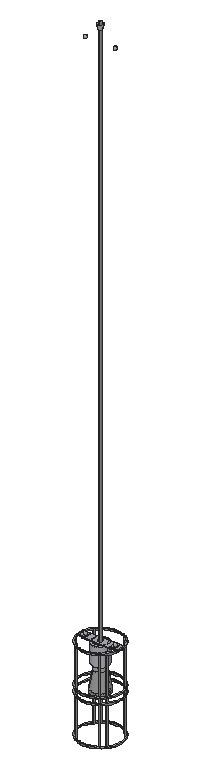
Revit family "Lighting - Lumetta - Pendant - P1204RV", category Lighting Fixtures, host Ceiling, Revit 2015
Parameters
  Wattage = 11.7117 W
  built-in parameter 1150110 = 1 (stored number, unit not read)
  URL = "https://lumetta.com/luminaires/reveal-intersect-pendant/"
  Type Comments = "Reveal Intersect Pendant "  # constant formula
  built-in parameter 1114217 = 1 (stored number, unit not read)
  built-in parameter 1150109 = 1 (stored number, unit not read)
  built-in parameter 1150134 = (empty or 0)
  Suspension [instance] = 1
  built-in parameter 1150113 = 1 (stored number, unit not read)
  Stem Hung-ALL Lamping [instance] = Suspension = 2  # no
  P1204RV URL [instance] = "https://lumetta.com/luminaires/reveal-intersect-pendant/"
  Light Source Symbol Size = 0' - 1"
  Coupling-Stems Over 60 inches [instance] = and([Stem Hung-ALL Lamping], Fixture Drop > 5' 0")  # no
  Model = "P1204RV"  # constant formula
  Manufacturer = "Lumetta, Inc."  # constant formula
  Lumens = 1300 lm
  built-in parameter 1150115 = 1 (stored number, unit not read)
  built-in parameter 1150105 = 103.45 (stored number, unit not read)
  built-in parameter 1150137 = (empty or 0)
  built-in parameter 1150139 = (empty or 0)
  built-in parameter 1150112 = 1 (stored number, unit not read)
  built-in parameter 1150114 = 1 (stored number, unit not read)
  built-in parameter 1150132 = 1
  built-in parameter 1150102 = (empty or 0)
  built-in parameter 1150138 = (empty or 0)
  built-in parameter 1150107 = 3000 (stored number, unit not read)
  built-in parameter 1150106 = 1.0345 (stored number, unit not read)
  Frame Finish [instance] = Paint - Lumetta - F02 - PC_Chrome
  Fixture Drop [instance] = 6' - 0"
  built-in parameter 1150104 = 10.312 (stored number, unit not read)
  Dimming Lamp Color Temperature Shift = (empty or 0)
  Description = "Reveal Intersect Pendant "  # constant formula
  Cord Hung-STD [instance] = Suspension = 1  # yes
  Cord Color [instance] = Cord, Black
  Color Filter = 16777215
  built-in parameter 1114218 = 1 (stored number, unit not read)
  built-in parameter 1150133 = 10 (stored number, unit not read)
Reference planes (in)
  plane 1 "Light Source Axis (F/B)": y = 0
  plane 2 "Ceiling": z = 96
  plane 3 "Light Source Axis (L/R)": x = 0
  plane 4 "Light Source Elevation": z = 21
  plane 5 "Fixture-Top": z = 24
  plane 6 "Fixture-Radius": x = 2.75
  plane 7 "Fixture-Height": z = 13
  plane 8: y = 0
  plane 9: x = 1.9375
  plane 10 "Outer BTM-Flat Plane": z = 10.44187
  plane 11: z = 18.125
  plane 12: z = 18.875
Forms (in)
  Revolve 1, solid, material "Paint - Lumetta - F02 - PC_Chrome" <- "Frame Finish", not visible
    sketch origin (0, 0, 0) x (1, 0, 0) y (0, 0, 1)
      loop
        line (0, 96) -> (0, 95.65) -> (2.125, 95.65)
        arc (2.125, 95.65) -> (2.21339, 95.68661) -> (2.25, 95.775) r 0.125
        line (2.25, 95.775) -> (2.25, 96) -> (0, 96)
      axis (0, 96) -> (0, 95.65)
    angle from 0 to 360
  Extrusion 2, solid, material "Paint - Lumetta - F02 - PC_Chrome" <- "Frame Finish", visible <- "Stem Hung-ALL Lamping"
    sketch origin (0, 0, 24) x (0, -1, 0) y (-1, 0, 0)
      loop
        circle (0, 0) r 0.25
    from 0.05815 to -72
  Revolve 3, solid, material "Paint - Lumetta - F02 - PC_Chrome" <- "Frame Finish", visible <- "Coupling-Stems Over 60 inches"
    sketch origin (0, 0, 0) x (1, 0, 0) y (0, 0, 1)
      loop
        line (0, 86.53023) -> (0, 86) -> (0.26233, 86)
        arc (0.26233, 86) -> (0.31307, 86.05074) -> (0.26233, 86.10149) r 0.05074
        arc (0.26233, 86.10149) -> (0.29304, 86.26499) -> (0.26243, 86.42851) r 0.45126
        arc (0.26243, 86.42851) -> (0.31329, 86.47937) -> (0.26243, 86.53023) r 0.05086
        line (0.26243, 86.53023) -> (0, 86.53023)
      axis (0, 86.53023) -> (0, 86)
    angle from 0 to 360
  Extrusion 4, solid, material "Cord, Black" <- "Cord Color"
    sketch origin (0, 0, 24) x (0, -1, 0) y (1, 0, 0)
      loop
        circle (0, 0) r 0.15674
    from -0.56254 to 72
  Extrusion 5, solid, material "Paint - Lumetta - F02 - PC_Chrome" <- "Frame Finish"
    sketch origin (0, 0, 24) x (0, -1, 0) y (1, 0, 0)
      loop
        circle (0, 0) r 0.26562
      loop
        arc (-0.625, -1.88572) -> (-0.61548, -1.93356) -> (-0.58839, -1.97411) r 0.125
        line (-0.58839, -1.97411) -> (-0.41161, -2.15089)
        arc (-0.41161, -2.15089) -> (-0.37106, -2.17798) -> (-0.32322, -2.1875) r 0.125
        line (-0.32322, -2.1875) -> (0.32322, -2.1875)
        arc (0.32322, -2.1875) -> (0.37106, -2.17798) -> (0.41161, -2.15089) r 0.125
        line (0.41161, -2.15089) -> (0.58839, -1.97411)
        arc (0.58839, -1.97411) -> (0.61548, -1.93356) -> (0.625, -1.88572) r 0.125
        line (0.625, -1.88572) -> (0.625, 1.88572)
        arc (0.625, 1.88572) -> (0.61548, 1.93356) -> (0.58839, 1.97411) r 0.125
        line (0.58839, 1.97411) -> (0.41161, 2.15089)
        arc (0.41161, 2.15089) -> (0.37106, 2.17798) -> (0.32322, 2.1875) r 0.125
        line (0.32322, 2.1875) -> (-0.32322, 2.1875)
        arc (-0.32322, 2.1875) -> (-0.37106, 2.17798) -> (-0.41161, 2.15089) r 0.125
        line (-0.41161, 2.15089) -> (-0.58839, 1.97411)
        arc (-0.58839, 1.97411) -> (-0.61548, 1.93356) -> (-0.625, 1.88572) r 0.125
        line (-0.625, 1.88572) -> (-0.625, -1.88572)
      loop
        circle (0, 1.9375) r 0.07846
      loop
        circle (0, -1.9375) r 0.07846
    from -0.05815 to 0
  Revolve 6, solid, material "Paint - Lumetta - F02 - PC_Chrome" <- "Frame Finish", visible <- "Cord Hung-STD"
    sketch origin (0, 0, 0) x (1, 0, 0) y (0, 0, 1)
      loop
        line (0, 95.65) -> (0, 95.15) -> (0.28125, 95.15) -> (0.375, 95.65) -> (0, 95.65)
      axis (0, 95.65) -> (0, 95.15)
    angle from 0 to 360
  Revolve 7, solid, material "Paint - Lumetta - F02 - PC_Chrome" <- "Frame Finish"
    sketch origin (0, 0, 0) x (1, 0, 0) y (0, 0, 1)
      loop
        line (1.9375, 93.72) -> (1.9375, 93.37095)
        arc (1.9375, 93.37095) -> (2.11821, 93.50953) -> (2.03125, 93.72) r 0.18712
        line (2.03125, 93.72) -> (1.9375, 93.72)
      axis (1.9375, 93.72) -> (1.9375, 93.37095)
    angle from 0 to 360
  Revolve 8, solid, material "Paint - Lumetta - F02 - PC_Chrome" <- "Frame Finish"
    sketch origin (0, 0, 0) x (-1, 0, 0) y (0, 0, 1)
      loop
        line (1.9375, 93.72) -> (1.9375, 93.37095)
        arc (1.9375, 93.37095) -> (2.11821, 93.50953) -> (2.03125, 93.72) r 0.18712
        line (2.03125, 93.72) -> (1.9375, 93.72)
      axis (1.9375, 93.72) -> (1.9375, 93.37095)
    angle from 0 to 360
  Revolve 9, solid, material "Paint - Lumetta - F02 - PC_Chrome" <- "Frame Finish"
    sketch origin (0, 0, 0) x (1, 0, 0) y (0, 0, 1)
      loop
        circle (2.6825, 23.9325) r 0.0675
      axis (0, 23.9325) -> (0, 23.89313)
    angle from 0 to 360
  Revolve 10, solid, material "Paint - Lumetta - F02 - PC_Chrome" <- "Frame Finish"
    sketch origin (0, 0, 0) x (1, 0, 0) y (0, 0, 1)
      loop
        circle (2.6825, 13.0675) r 0.0675
      axis (0, 13.0675) -> (0, 13.02813)
    angle from 0 to 360
  Extrusion 11, solid, material "Paint - Lumetta - F02 - PC_Chrome" <- "Frame Finish"
    sketch origin (0, 0, 24) x (0, -1, 0) y (1, 0, 0)
      loop
        line (-0.5, 1.57812) -> (0.5, 1.57812) -> (0.5, 2.63549)
        arc (0.5, 2.63549) -> (0, 2.6825) -> (-0.5, 2.63549) r 2.6825
        line (-0.5, 2.63549) -> (-0.5, 1.57812)
      loop
        circle (0, 1.9375) r 0.09375
      loop
        line (-0.5, -1.57813) -> (-0.5, -2.63549)
        arc (-0.5, -2.63549) -> (0, -2.6825) -> (0.5, -2.63549) r 2.6825
        line (0.5, -2.63549) -> (0.5, -1.57813) -> (-0.5, -1.57813)
      loop
        circle (0, -1.9375) r 0.09375
    from 0 to 0.07325
  Revolve 12, solid, material "Paint - Lumetta - F02 - PC_Chrome" <- "Frame Finish", visible <- "Stem Hung-ALL Lamping"
    sketch origin (0, 0, 0) x (1, 0, 0) y (0, 0, 1)
      loop
        line (0, 96.0012) -> (0, 93.40625) -> (0.34988, 93.40625)
        arc (0.34988, 93.40625) -> (0.49124, 93.54417) -> (0.58115, 93.72) r 0.61026
        line (0.58115, 93.72) -> (2.6875, 93.72) -> (2.6875, 93.78) -> (2.875, 93.78) -> (2.875, 96.0012) -> (0, 96.0012)
      axis (0, 96.0012) -> (0, 93.40625)
    angle from 0 to 360
  Revolve 13, solid, material "Paint - Lumetta - F02 - PC_Chrome" <- "Frame Finish"
    sketch origin (0, 0, 5.25) x (1, 0, 0) y (0, 0, 1)
      loop
        circle (2.6825, 12.875) r 0.0675
      axis (0, 12.875) -> (0, 12.83563)
    angle from 0 to 360
  Revolve 14, solid, material "Paint - Lumetta - F02 - PC_Chrome" <- "Frame Finish"
    sketch origin (0, 0, 6.25) x (1, 0, 0) y (0, 0, 1)
      loop
        circle (2.6825, 12.625) r 0.0675
      axis (0, 12.625) -> (0, 12.58563)
    angle from 0 to 360
  Extrusion 15, solid, material "Paint - Lumetta - F02 - PC_Chrome" <- "Frame Finish"
    sketch origin (0, 0, 24) x (0, -1, 0) y (1, 0, 0)
      loop
        circle (2.04707, 1.51674) r 0.0675
      loop
        circle (1.51674, 2.04707) r 0.0675
      loop
        circle (-1.51674, -2.04707) r 0.0675
      loop
        circle (-2.04707, -1.51674) r 0.0675
      loop
        circle (-1.51674, 2.04707) r 0.0675
      loop
        circle (-2.04707, 1.51674) r 0.0675
      loop
        circle (2.04707, -1.51674) r 0.0675
      loop
        circle (1.51674, -2.04707) r 0.0675
    from 0 to -11
  Revolve 16, solid, material "Paint - Lumetta - F02 - PC_Chrome" <- "Frame Finish"
    sketch origin (0, 0, 0) x (1, 0, 0) y (0, 0, 1)
      loop
        line (0, 23.94185) -> (0, 23.9106) -> (0.90625, 23.9106)
        arc (0.90625, 23.9106) -> (0.97254, 23.88314) -> (1, 23.81685) r 0.09375
        line (1, 23.81685) -> (1, 21.44185) -> (1.03125, 21.44185) -> (1.03125, 23.81685)
        arc (1.03125, 23.81685) -> (0.99464, 23.90523) -> (0.90625, 23.94185) r 0.125
        line (0.90625, 23.94185) -> (0, 23.94185)
      axis (0, 23.94185) -> (0, 21.44185)
    angle from 0 to 360
  Revolve 17, solid, material "Acrylic - 2447 - White"
    sketch origin (0, 0, 0) x (1, 0, 0) y (0, 0, 1)
      loop
        arc (0.48041, 21.41727) -> (0.66687, 21.10094) -> (0.77324, 20.74949) r 1.54182
        line (0.77324, 20.74949) -> (1.17086, 18.49448)
        arc (1.17086, 18.49448) -> (1.06714, 17.9859) -> (0.64416, 17.68508) r 0.70728
        arc (0.64416, 17.68508) -> (0.43163, 17.64159) -> (0.21626, 17.61551) r 2.66809
        arc (0.21626, 17.61551) -> (0.19746, 17.60723) -> (0.18786, 17.58907) r 0.03125
        arc (0.18786, 17.58907) -> (0.18007, 17.57274) -> (0.16453, 17.56346) r 0.03125
        arc (0.16453, 17.56346) -> (0.08288, 17.54831) -> (0, 17.54324) r 0.67945
        line (0, 17.54324) -> (0, 17.51199)
        arc (0, 17.51199) -> (0.0867, 17.51729) -> (0.1721, 17.53314) r 0.7107
        arc (0.1721, 17.53314) -> (0.20317, 17.55169) -> (0.21875, 17.58436) r 0.0625
        arc (0.21875, 17.58436) -> (0.43664, 17.61075) -> (0.65167, 17.65474) r 2.69934
        arc (0.65167, 17.65474) -> (1.09333, 17.96886) -> (1.20163, 18.49991) r 0.73853
        line (1.20163, 18.49991) -> (0.80401, 20.75492)
        arc (0.80401, 20.75492) -> (0.69549, 21.11349) -> (0.50526, 21.43623) r 1.57307
        arc (0.50526, 21.43623) -> (0.47231, 21.46338) -> (0.43073, 21.4731) r 0.09375
        line (0.43073, 21.4731) -> (0, 21.4731) -> (0, 21.44185) -> (0.43073, 21.44185)
        arc (0.43073, 21.44185) -> (0.45845, 21.43537) -> (0.48041, 21.41727) r 0.0625
      axis (0, 21.4731) -> (0, 17.51199)
    angle from 0 to 360
  Revolve 18, solid, material "Paint - Lumetta - F02 - PC_Chrome" <- "Frame Finish"
    sketch origin (0, 0, 0) x (1, 0, 0) y (0, 0, 1)
      loop
        arc (2.0625, 24.07325) -> (2.11266, 24.27991) -> (1.9375, 24.4005) r 0.1875
        line (1.9375, 24.4005) -> (1.9375, 24.07325) -> (2.0625, 24.07325)
      axis (1.9375, 24.4005) -> (1.9375, 24.07325)
    angle from 0 to 360
  Revolve 19, solid, material "Paint - Lumetta - F02 - PC_Chrome" <- "Frame Finish"
    sketch origin (0, 0, 0) x (-1, 0, 0) y (0, 0, 1)
      loop
        arc (2.0625, 24.07325) -> (2.11266, 24.27991) -> (1.9375, 24.4005) r 0.1875
        line (1.9375, 24.4005) -> (1.9375, 24.07325) -> (2.0625, 24.07325)
      axis (1.9375, 24.4005) -> (1.9375, 24.07325)
    angle from 0 to 360
Dimensions and locks (in)
  equal spacing: host sketch curve, plane 3 "Light Source Axis (L/R)", host sketch curve
  equal spacing: host sketch curve, plane 1 "Light Source Axis (F/B)", host sketch curve
  host sketch curve to host sketch curve = 10' - 0"  (x2)
  "Fixture Drop": plane 2 "Ceiling" to plane 5 "Fixture-Top"
  plane 5 "Fixture-Top" to plane 4 "Light Source Elevation" = 0' - 3"
  locked: plane 6 "Fixture-Radius" to plane 3 "Light Source Axis (L/R)" at 2.75
  locked: plane 5 "Fixture-Top" to plane 7 "Fixture-Height" at 11
  locked: Extrusion 2 sketch curve to imposter light
  locked: Extrusion 2 sketch curve to imposter light at 0
  Revolve 3 sketch curve to Revolve 3 sketch curve = 0' - 0.15822"
  locked: Revolve 3 sketch curve to Revolve 3 sketch curve at 0.53023
  locked: Revolve 3 sketch curve to Revolve 3 sketch curve at 0.26243
  locked: Revolve 3 sketch curve to Revolve 3 sketch curve at 0.26233
  locked: Revolve 3 sketch curve to Revolve 3 sketch curve at 0.05074
  locked: Revolve 3 sketch curve to Revolve 3 sketch curve at 0.47937
  locked: Revolve 3 sketch curve to Revolve 3 sketch curve at 0.26512
  locked: Revolve 1 to Revolve 6 sketch curve at 0.5
  locked: plane 6 "Fixture-Radius" to Revolve 9 sketch curve at 0.0675
  locked: plane 5 "Fixture-Top" to Revolve 9 sketch curve at 0.0675
  equal spacing: Extrusion 11 sketch curve, plane 8, Extrusion 11 sketch curve, locked at 0.5 each  (x2)
  locked: Extrusion 11 sketch curve to Extrusion 11 sketch curve at 1
  locked: Extrusion 11 to plane 5 "Fixture-Top" at 0.07325
  locked: plane 5 "Fixture-Top" to Extrusion 5 at 0.05815
  locked: Revolve 12 sketch curve to Revolve 12 sketch curve at 2.875
  locked: Revolve 12 sketch curve to Revolve 12 sketch curve at 0.31375
  locked: plane 2 "Ceiling" to Revolve 12 sketch curve at 2.28
  locked: Revolve 12 sketch curve to plane 3 "Light Source Axis (L/R)" at 0
  locked: Revolve 12 sketch curve to plane 2 "Ceiling" at 0.0012
  locked: plane 5 "Fixture-Top" to plane 10 "Outer BTM-Flat Plane" at 13.55813
  locked: plane 2 "Ceiling" to Revolve 1 sketch curve at 0.35
  locked: Revolve 1 sketch curve to plane 2 "Ceiling"
  locked: Revolve 1 sketch curve to plane 3 "Light Source Axis (L/R)" at 2.25
  locked: plane 2 "Ceiling" to Revolve 6 sketch curve at 0.35
  locked: Revolve 10 sketch curve to plane 7 "Fixture-Height" at 0.0675
  locked: plane 6 "Fixture-Radius" to Revolve 10 sketch curve at 0.0675
  plane 3 "Light Source Axis (L/R)" to Extrusion 11 sketch curve = 0' - 1 37/64"
  locked: Extrusion 11 sketch curve to Extrusion 11 sketch curve at 3.15625
  locked: Extrusion 11 sketch curve to plane 3 "Light Source Axis (L/R)" at 1.9375
  locked: Extrusion 11 sketch curve to Extrusion 11 sketch curve at 3.875
  locked: Extrusion 5 sketch curve to plane 3 "Light Source Axis (L/R)" at 1.9375
  locked: Extrusion 5 sketch curve to Extrusion 5 sketch curve at 3.875
  locked: plane 8 to Extrusion 5 sketch curve at 0.625  (x2)
  locked: plane 11 to plane 7 "Fixture-Height" at 5.125
  locked: plane 5 "Fixture-Top" to plane 12 at 5.125
  locked: plane 6 "Fixture-Radius" to Revolve 13 sketch curve at 0.0675
  locked: Revolve 13 sketch curve to plane 11
  locked: plane 6 "Fixture-Radius" to Revolve 14 sketch curve at 0.0675
  locked: Revolve 14 sketch curve to plane 12
  plane 3 "Light Source Axis (L/R)" to Extrusion 15 sketch curve = 0' - 1.51674"
  plane 3 "Light Source Axis (L/R)" to Extrusion 15 sketch curve = 0' - 2.04707"
  plane 8 to Extrusion 15 sketch curve = 0' - 2.04707"
  plane 8 to Extrusion 15 sketch curve = 0' - 1.51674"
  locked: Revolve 16 sketch curve to plane 3 "Light Source Axis (L/R)" at 0
  locked: plane 3 "Light Source Axis (L/R)" to Revolve 16 sketch curve at 1.03125
  locked: Revolve 16 sketch curve to Revolve 16 sketch curve at 0.03125  (x2)
  locked: Extrusion 5 to Revolve 16 sketch curve at 0
  Revolve 16 sketch curve to Revolve 16 sketch curve = 0' - 2 1/2"
  locked: plane 3 "Light Source Axis (L/R)" to Revolve 18 sketch curve at 1.9375
  locked: Revolve 18 sketch curve to Revolve 18 sketch curve at 0.13975
  Revolve 18 sketch curve to Extrusion 11 = 0' - 0"
  locked: Revolve 19 sketch curve to Revolve 19 sketch curve at 0.13975
  locked: Revolve 19 sketch curve to Extrusion 11 at 0
  locked: Revolve 19 sketch curve to plane 3 "Light Source Axis (L/R)" at 1.9375
  aligned and locked: plane 3 "Light Source Axis (L/R)" to imposter light
  aligned and locked: plane 1 "Light Source Axis (F/B)" to imposter light
  aligned and locked: plane 4 "Light Source Elevation" to imposter light
  aligned and locked: Revolve 3 sketch curve to Revolve 3 sketch curve  (x2)
  aligned and locked: host ceiling to Extrusion 2
  aligned and locked: host ceiling to Extrusion 4
  aligned and locked: Extrusion 5 to Extrusion 2
  aligned and locked: Revolve 7 sketch curve to plane 9
  aligned and locked: Revolve 10 sketch curve to plane 3 "Light Source Axis (L/R)"
  aligned and locked: plane 5 "Fixture-Top" to Extrusion 11
  aligned and locked: Extrusion 5 to plane 5 "Fixture-Top"
  aligned and locked: plane 7 "Fixture-Height" to Extrusion 15
  aligned and locked: plane 3 "Light Source Axis (L/R)" to Revolve 16 sketch curve
  aligned and locked: Revolve 17 sketch curve to plane 3 "Light Source Axis (L/R)"
Automatic sketch dimensions
  Revolve 1 sketch curve to plane 3 "Light Source Axis (L/R)" = 0' - 0"  (x2)
  Revolve 1 sketch curve to Revolve 1 sketch curve = 0' - 0 1/8"
  Revolve 1 sketch curve to plane 5 "Fixture-Top" = 0' - 1 1/4"
  plane 2 "Ceiling" to Revolve 1 sketch curve = 0' - 9 3/4"
  Revolve 3 sketch curve to plane 3 "Light Source Axis (L/R)" = 0' - 0"
  Revolve 3 sketch curve to plane 2 "Ceiling" = 0' - 10"
  Revolve 3 sketch curve to Revolve 3 sketch curve = 0' - 11.34317"
  plane 1 "Light Source Axis (F/B)" to Extrusion 4 sketch curve = 0' - 0"
  Extrusion 4 sketch curve to plane 3 "Light Source Axis (L/R)" = 0' - 0"
  plane 1 "Light Source Axis (F/B)" to Extrusion 5 sketch curve = 0' - 0"  (x3)
  Extrusion 5 sketch curve to plane 3 "Light Source Axis (L/R)" = 0' - 0"
  plane 9 to Extrusion 5 sketch curve = 0' - 0.03661"  (x2)
  Extrusion 5 sketch curve to Extrusion 5 sketch curve = 0' - 0.03661"  (x5)
  Extrusion 5 sketch curve to plane 9 = 0' - 0.05178"  (x2)
  Extrusion 5 sketch curve to Extrusion 5 sketch curve = 0' - 0.08839"  (x6)
  Extrusion 5 sketch curve to Extrusion 5 sketch curve = 0' - 0.17678"  (x4)
  plane 1 "Light Source Axis (F/B)" to Extrusion 5 sketch curve = 0' - 0.32322"  (x2)
  plane 9 to Extrusion 5 sketch curve = 0' - 0 1/8"
  plane 9 to Extrusion 5 sketch curve = 0' - 0.21339"
  Extrusion 5 sketch curve to Extrusion 5 sketch curve = 0' - 0 1/8"  (x3)
  Revolve 6 sketch curve to plane 3 "Light Source Axis (L/R)" = 0' - 0"  (x2)
  Revolve 6 sketch curve to Revolve 6 sketch curve = 0' - 0 9/32"
  Revolve 6 sketch curve to Revolve 6 sketch curve = 0' - 0 3/8"
  Revolve 6 sketch curve to Revolve 6 sketch curve = 0' - 1 1/4"
  plane 2 "Ceiling" to Revolve 6 sketch curve = 0' - 6 11/16"
  Revolve 7 sketch curve to plane 9 = 0' - 0"
  plane 9 to Revolve 7 sketch curve = 0' - 0 3/32"
  Revolve 7 sketch curve to plane 2 "Ceiling" = 0' - 2.62905"
  Revolve 7 sketch curve to Revolve 7 sketch curve = 0' - 0.18712"
  Revolve 7 sketch curve to Revolve 7 sketch curve = 0' - 1.15095"
  plane 2 "Ceiling" to Revolve 7 sketch curve = 0' - 0.72"
  plane 3 "Light Source Axis (L/R)" to Revolve 8 sketch curve = 0' - 1 15/16"
  Revolve 8 sketch curve to Revolve 8 sketch curve = 0' - 0 3/32"
  plane 2 "Ceiling" to Revolve 8 sketch curve = 0' - 2.62905"
  Revolve 8 sketch curve to Revolve 8 sketch curve = 0' - 0.18712"
  Revolve 8 sketch curve to Revolve 8 sketch curve = 0' - 0"
  Revolve 8 sketch curve to Revolve 8 sketch curve = 0' - 1.15095"
  Revolve 8 sketch curve to plane 2 "Ceiling" = 0' - 0.72"
  Revolve 9 sketch curve to plane 3 "Light Source Axis (L/R)" = 0' - 0"
  Revolve 9 sketch curve to plane 4 "Light Source Elevation" = 0' - 0 1/2"
  Revolve 9 sketch curve to plane 5 "Fixture-Top" = 0' - 2 1/2"
  level to Revolve 10 sketch curve = 0' - 0 3/4"
  Revolve 10 sketch curve to plane 11 = 0' - 2 3/8"
  Extrusion 11 sketch curve to Extrusion 11 sketch curve = 0' - 0"  (x2)
  plane 1 "Light Source Axis (F/B)" to Extrusion 11 sketch curve = 0' - 0"  (x3)
  Extrusion 11 sketch curve to plane 3 "Light Source Axis (L/R)" = 0' - 0"
  Extrusion 11 sketch curve to plane 1 "Light Source Axis (F/B)" = 0' - 0 1/2"
  Extrusion 11 sketch curve to Extrusion 11 sketch curve = 0' - 0.69799"
  Extrusion 11 sketch curve to plane 6 "Fixture-Radius" = 0' - 0.11451"
  Revolve 12 sketch curve to plane 3 "Light Source Axis (L/R)" = 0' - 0"  (x2)
  Revolve 12 sketch curve to Revolve 12 sketch curve = 0' - 0.34988"
  Revolve 12 sketch curve to Revolve 12 sketch curve = 0' - 0.23126"
  Revolve 12 sketch curve to plane 6 "Fixture-Radius" = 0' - 0 1/16"
  Revolve 12 sketch curve to Revolve 12 sketch curve = 0' - 0.06"
  Revolve 12 sketch curve to Revolve 12 sketch curve = 0' - 1.7488"
  Revolve 12 sketch curve to Revolve 12 sketch curve = 0' - 2 1/2"
  Revolve 13 sketch curve to plane 3 "Light Source Axis (L/R)" = 0' - 0"
  Revolve 13 sketch curve to plane 10 "Outer BTM-Flat Plane" = 0' - 4.44187"
  plane 4 "Light Source Elevation" to Revolve 13 sketch curve = 0' - 0 1/2"
  Revolve 14 sketch curve to plane 3 "Light Source Axis (L/R)" = 0' - 0"
  Revolve 14 sketch curve to plane 10 "Outer BTM-Flat Plane" = 0' - 3.44187"
  Revolve 14 sketch curve to plane 4 "Light Source Elevation" = 0' - 0 1/2"
  plane 9 to Extrusion 15 sketch curve = 0' - 0.10957"
  Extrusion 15 sketch curve to plane 1 "Light Source Axis (F/B)" = 0' - 1.51674"  (x2)
  Extrusion 15 sketch curve to Extrusion 15 sketch curve = 0' - 0.53033"  (x5)
  plane 1 "Light Source Axis (F/B)" to Extrusion 15 sketch curve = 0' - 1.51674"
  Extrusion 15 sketch curve to plane 9 = 0' - 0.42076"
  Extrusion 15 sketch curve to plane 3 "Light Source Axis (L/R)" = 0' - 1.51674"  (x2)
  Revolve 16 sketch curve to Revolve 16 sketch curve = 0' - 0"  (x2)
  Revolve 16 sketch curve to Revolve 16 sketch curve = 0' - 0 3/32"
  plane 12 to Revolve 16 sketch curve = 0' - 0 5/8"
  Revolve 16 sketch curve to plane 5 "Fixture-Top" = 0' - 1 1/2"
  Revolve 17 sketch curve to Revolve 17 sketch curve = 0' - 0"  (x17)
  Revolve 17 sketch curve to plane 3 "Light Source Axis (L/R)" = 0' - 0"  (x2)
  Revolve 17 sketch curve to plane 3 "Light Source Axis (L/R)" = 0' - 0.74516"
  plane 3 "Light Source Axis (L/R)" to Revolve 17 sketch curve = 0' - 0.00349"
  plane 3 "Light Source Axis (L/R)" to Revolve 17 sketch curve = 0' - 0.15696"
  Revolve 17 sketch curve to Revolve 17 sketch curve = 0' - 0.06179"
  plane 3 "Light Source Axis (L/R)" to Revolve 17 sketch curve = 0' - 0.43073"
  plane 11 to Revolve 17 sketch curve = 0' - 0.24666"
  plane 3 "Light Source Axis (L/R)" to Revolve 17 sketch curve = 0' - 0.47433"
  plane 4 "Light Source Elevation" to Revolve 17 sketch curve = 0' - 0.25051"
  Revolve 17 sketch curve to Revolve 17 sketch curve = 0' - 0.3425"
  plane 4 "Light Source Elevation" to Revolve 17 sketch curve = 0' - 0.24508"
  Revolve 17 sketch curve to Revolve 17 sketch curve = 0' - 0.03078"  (x2)
  plane 11 to Revolve 17 sketch curve = 0' - 0.36948"
  Revolve 17 sketch curve to Revolve 17 sketch curve = 0' - 0.69653"
  plane 11 to Revolve 17 sketch curve = 0' - 0.09768"
  Revolve 17 sketch curve to plane 11 = 0' - 0.53122"
  Revolve 17 sketch curve to Revolve 17 sketch curve = 0' - 0.00941"
  Revolve 17 sketch curve to Revolve 17 sketch curve = 0' - 0.05054"
  Revolve 17 sketch curve to Revolve 17 sketch curve = 0' - 0 1/32"  (x2)
  Revolve 17 sketch curve to Revolve 17 sketch curve = 0' - 0.00543"
  plane 4 "Light Source Elevation" to Revolve 17 sketch curve = 0' - 0.72489"
  plane 4 "Light Source Elevation" to Revolve 17 sketch curve = 0' - 0.51824"
  Revolve 17 sketch curve to plane 4 "Light Source Elevation" = 0' - 0.37935"
  Revolve 17 sketch curve to Revolve 17 sketch curve = 0' - 0 1/16"
  Revolve 17 sketch curve to Revolve 17 sketch curve = 0' - 1.64262"
  Revolve 17 sketch curve to Revolve 17 sketch curve = 0' - 0 3/4"
  plane 9 to Revolve 18 sketch curve = 0' - 0"
  Revolve 18 sketch curve to Revolve 18 sketch curve = 0' - 0 1/8"
  plane 5 "Fixture-Top" to Revolve 18 sketch curve = 0' - 0.44618"
  Revolve 18 sketch curve to Revolve 18 sketch curve = 0' - 0.19786"
  Revolve 19 sketch curve to Revolve 19 sketch curve = 0' - 0 1/8"
  Revolve 19 sketch curve to Revolve 19 sketch curve = 0' - 0"
  Revolve 19 sketch curve to plane 5 "Fixture-Top" = 0' - 0.44618"
  Revolve 19 sketch curve to Revolve 19 sketch curve = 0' - 0.19786"
  radius of Extrusion 2 sketch curve = 0' - 0 1/4"
  radius of Extrusion 4 sketch curve = 0' - 0.15674"
  radius of Extrusion 5 sketch curve = 0' - 0 17/64"
  radius of Extrusion 5 sketch curve = 0' - 0.07846"  (x2)
  radius of Revolve 9 sketch curve = 0' - 0.0675"
  radius of Revolve 10 sketch curve = 0' - 0.0675"
  radius of Extrusion 11 sketch curve = 0' - 0 3/32"  (x2)
  radius of Revolve 13 sketch curve = 0' - 0.0675"
  radius of Revolve 14 sketch curve = 0' - 0.0675"
  radius of Extrusion 15 sketch curve = 0' - 0.0675"  (x8)
